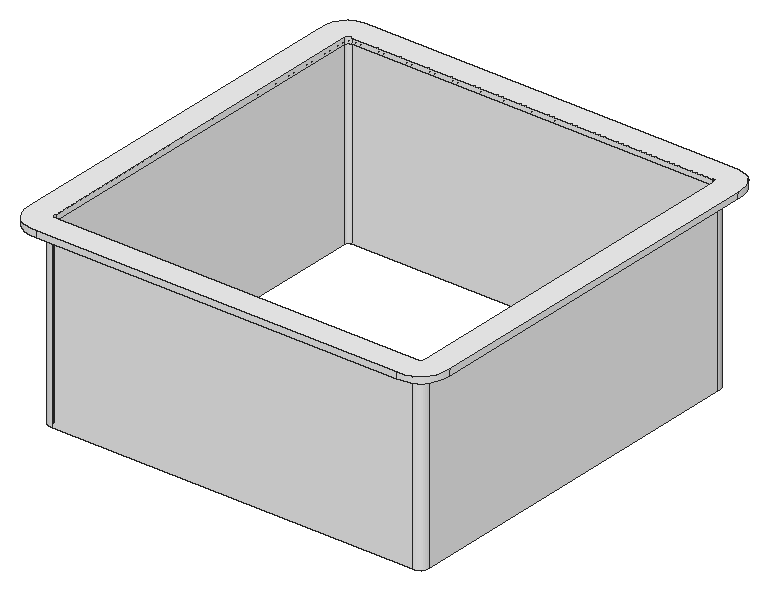
Revit family "STAINLESS STEEL SQUARE COUNTER TOP WASTE BIN FOR WASHROOM_IND", category Generic Models, Revit 2017
Family settings
  Can host rebar = No
  Round Connector Dimension = Use Diameter
  Part Type = Normal
  Work Plane-Based = Yes
  Always vertical = Yes
  Cut with Voids When Loaded = No
  Shared = No
  Room Calculation Point = No
Parameters
  Website = "https://dolphy.in/"  # constant formula
  Model = "DWBN0009"  # constant formula
  Default Elevation = 1219.2 mm
  Contact number = "+91 9520202035"  # constant formula
  Contact email = "info@dolphy.in"  # constant formula
  Company name = "Dolphy India"  # constant formula
Reference planes
  plane 1 "Center (Front/Back)": y = 0
  plane 2: z = 0
  plane 3 "Center (Left/Right)": x = 0
Forms (mm)
  Extrusion 1, solid, material "Stainless Steel Silver"
    sketch origin (0, 8.125, -75) x (1, 0, 0) y (0, 1, 0)
      loop
        spline (-73, 152.002) -> (-73.319, 151.988) -> (-73.611, 151.946) -> (-73.875, 151.877) -> (-74.111, 151.78) -> (-74.319, 151.655) -> (-74.5, 151.502) -> (-74.653, 151.321) -> (-74.778, 151.113) -> (-74.875, 150.877) -> (-74.944, 150.613) -> (-74.986, 150.321) -> (-75, 150.002)
        line (-75, 150.002) -> (-75, 4.002)
        spline (-75, 4.002) -> (-74.986, 3.683) -> (-74.944, 3.391) -> (-74.875, 3.127) -> (-74.778, 2.891) -> (-74.653, 2.683) -> (-74.5, 2.502) -> (-74.319, 2.349) -> (-74.111, 2.224) -> (-73.875, 2.127) -> (-73.611, 2.058) -> (-73.319, 2.016) -> (-73, 2.002)
        line (-73, 2.002) -> (73, 2.002)
        spline (73, 2.002) -> (73.319, 2.016) -> (73.611, 2.058) -> (73.875, 2.127) -> (74.111, 2.224) -> (74.319, 2.349) -> (74.5, 2.502) -> (74.653, 2.683) -> (74.778, 2.891) -> (74.875, 3.127) -> (74.944, 3.391) -> (74.986, 3.683) -> (75, 4.002)
        line (75, 4.002) -> (75, 150.002)
        spline (75, 150.002) -> (74.986, 150.321) -> (74.944, 150.613) -> (74.875, 150.877) -> (74.778, 151.113) -> (74.653, 151.321) -> (74.5, 151.502) -> (74.319, 151.655) -> (74.111, 151.78) -> (73.875, 151.877) -> (73.611, 151.946) -> (73.319, 151.988) -> (73, 152.002)
        line (73, 152.002) -> (-73, 152.002)
      loop
        spline (-73, 154.002) -> (-73.639, 153.974) -> (-74.222, 153.891) -> (-74.75, 153.752) -> (-75.222, 153.558) -> (-75.639, 153.308) -> (-76, 153.002) -> (-76.306, 152.641) -> (-76.556, 152.224) -> (-76.75, 151.752) -> (-76.889, 151.224) -> (-76.972, 150.641) -> (-77, 150.002)
        line (-77, 150.002) -> (-77, 4.002)
        spline (-77, 4.002) -> (-76.972, 3.363) -> (-76.889, 2.78) -> (-76.75, 2.252) -> (-76.556, 1.78) -> (-76.306, 1.363) -> (-76, 1.002) -> (-75.639, 0.696) -> (-75.222, 0.446) -> (-74.75, 0.252) -> (-74.222, 0.113) -> (-73.639, 0.03) -> (-73, 0.002)
        line (-73, 0.002) -> (73, 0.002)
        spline (73, 0.002) -> (73.639, 0.03) -> (74.222, 0.113) -> (74.75, 0.252) -> (75.222, 0.446) -> (75.639, 0.696) -> (76, 1.002) -> (76.306, 1.363) -> (76.556, 1.78) -> (76.75, 2.252) -> (76.889, 2.78) -> (76.972, 3.363) -> (77, 4.002)
        line (77, 4.002) -> (77, 150.002)
        spline (77, 150.002) -> (76.972, 150.641) -> (76.889, 151.224) -> (76.75, 151.752) -> (76.556, 152.224) -> (76.306, 152.641) -> (76, 153.002) -> (75.639, 153.308) -> (75.222, 153.558) -> (74.75, 153.752) -> (74.222, 153.891) -> (73.639, 153.974) -> (73, 154.002)
        line (73, 154.002) -> (-73, 154.002)
    from 0 to 73.703
  Extrusion 2, solid, material "Stainless Steel Silver"
    sketch origin (0, 0, -75) x (1, 0, 0) y (0, 1, 0)
      loop
        line (-85, 158.127) -> (-85, 12.127)
        spline (-85, 12.127) -> (-84.917, 10.21) -> (-84.667, 8.46) -> (-84.25, 6.877) -> (-83.667, 5.46) -> (-82.917, 4.21) -> (-82, 3.127) -> (-80.917, 2.21) -> (-79.667, 1.46) -> (-78.25, 0.877) -> (-76.667, 0.46) -> (-74.917, 0.21) -> (-73, 0.127)
        line (-73, 0.127) -> (73, 0.127)
        spline (73, 0.127) -> (74.917, 0.21) -> (76.667, 0.46) -> (78.25, 0.877) -> (79.667, 1.46) -> (80.917, 2.21) -> (82, 3.127) -> (82.917, 4.21) -> (83.667, 5.46) -> (84.25, 6.877) -> (84.667, 8.46) -> (84.917, 10.21) -> (85, 12.127)
        line (85, 12.127) -> (85, 158.127)
        spline (85, 158.127) -> (84.917, 160.044) -> (84.667, 161.794) -> (84.25, 163.377) -> (83.667, 164.794) -> (82.917, 166.044) -> (82, 167.127) -> (80.917, 168.044) -> (79.667, 168.794) -> (78.25, 169.377) -> (76.667, 169.794) -> (74.917, 170.044) -> (73, 170.127)
        line (73, 170.127) -> (-73, 170.127)
        spline (-73, 170.127) -> (-74.917, 170.044) -> (-76.667, 169.794) -> (-78.25, 169.377) -> (-79.667, 168.794) -> (-80.917, 168.044) -> (-82, 167.127) -> (-82.917, 166.044) -> (-83.667, 164.794) -> (-84.25, 163.377) -> (-84.667, 161.794) -> (-84.917, 160.044) -> (-85, 158.127)
      loop
        line (-75, 158.127) -> (-75, 12.127)
        spline (-75, 12.127) -> (-74.986, 11.808) -> (-74.944, 11.516) -> (-74.875, 11.252) -> (-74.778, 11.016) -> (-74.653, 10.808) -> (-74.5, 10.627) -> (-74.319, 10.474) -> (-74.111, 10.349) -> (-73.875, 10.252) -> (-73.611, 10.183) -> (-73.319, 10.141) -> (-73, 10.127)
        line (-73, 10.127) -> (73, 10.127)
        spline (73, 10.127) -> (73.319, 10.141) -> (73.611, 10.183) -> (73.875, 10.252) -> (74.111, 10.349) -> (74.319, 10.474) -> (74.5, 10.627) -> (74.653, 10.808) -> (74.778, 11.016) -> (74.875, 11.252) -> (74.944, 11.516) -> (74.986, 11.808) -> (75, 12.127)
        line (75, 12.127) -> (75, 158.127)
        spline (75, 158.127) -> (74.986, 158.446) -> (74.944, 158.738) -> (74.875, 159.002) -> (74.778, 159.238) -> (74.653, 159.446) -> (74.5, 159.627) -> (74.319, 159.78) -> (74.111, 159.905) -> (73.875, 160.002) -> (73.611, 160.071) -> (73.319, 160.113) -> (73, 160.127)
        line (73, 160.127) -> (-73, 160.127)
        spline (-73, 160.127) -> (-73.319, 160.113) -> (-73.611, 160.071) -> (-73.875, 160.002) -> (-74.111, 159.905) -> (-74.319, 159.78) -> (-74.5, 159.627) -> (-74.653, 159.446) -> (-74.778, 159.238) -> (-74.875, 159.002) -> (-74.944, 158.738) -> (-74.986, 158.446) -> (-75, 158.127)
    from 72.616 to 75.004
Dimensions and locks
  aligned and locked: level to plane 2
